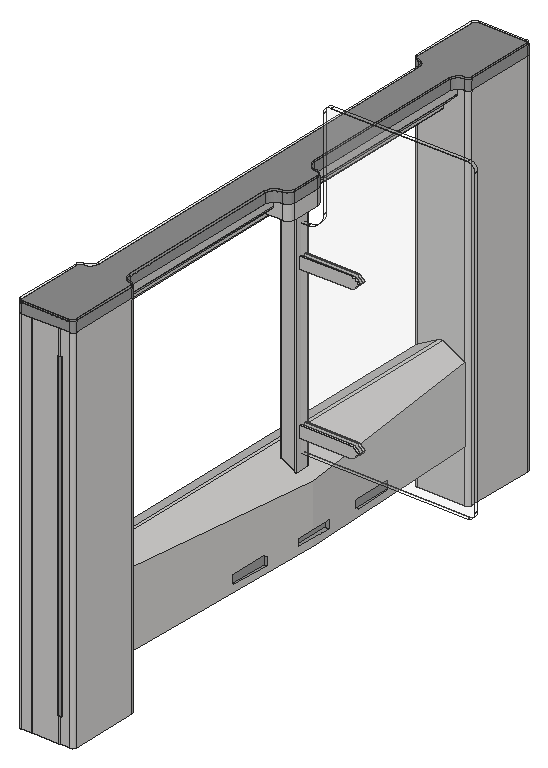
Revit family "CAME_Турникет_Скоростной_SWINGGATE_SWG90MРаздвижнойБоковойМодуль", category Специальное оборудование, Revit 2019
Family settings
  Размер круглого соединителя = Использовать диаметр
  Тип детали = Нормальный
  На основе рабочей плоскости = Нет
  Всегда вертикально = Да
  При загрузке вырезать с полостями = Нет
  Общий = Нет
  Точка расчета площади = Нет
Parameters
  х = 72.5 mm  # constant formula
  Описание = "Боковой модуль распашного турникета SWING GATE SWG90M, оснащенный платой управления и светодиодными указателями прохода и направления. Корпус - нержавеющая сталь. Сервопозиционный электропривод створки с определением препятствий и автоматической разблокировкой при отключении электроэнергии. Створка из 10 мм закаленного стекла. Ширина прохода 900 мм. Высота створки 1200 мм. Время открытия - 2.2 сек."
  Изготовитель = "CAME"  # constant formula
  Группа модели = "Турникеты"
  Watermark [instance] = "Модели защищены уникальным кодом"
  URL = "https://camerussia.com"
  CAME_Тип механизма турникета = "моторизованный"  # constant formula
  CAME_Напряжение электропитания двигателя (В) = 24 V  # constant formula
  CAME_Максимальное количество проходов в минуту = "30"  # constant formula
  CAME_Класс защиты (IP) = "44"  # constant formula
  CAME_Интенсивность использования (%) = "ИНТЕНСИВНОЕ"  # constant formula
  CAME_Диапазон рабочих температур (°C) = "-20 ÷ +68"  # constant formula
  CAME_Время открывания (с) = "2.2"  # constant formula
  BL_Разработано = "support@bimlib.pro"  # constant formula
  BL_Email = "cru.info@came.com"  # constant formula
  BL_BIM library = "https://bimlib.pro/manufacturer/came/cf0b6efe-31e5-4ffa-b7ea-1d6fa84041d4/?tab=products"
  ADSK_Размер_Ширина = 600 mm  # constant formula
  ADSK_Размер_Глубина = 1488 mm  # constant formula
  ADSK_Размер_Высота = 1000 mm  # constant formula
  ADSK_Полная мощность = ADSK_Номинальная мощность / ADSK_Коэффициент мощности  # 40.625 VA
  ADSK_Обозначение = "ТУ 26.30.50-001-89603926-2021"  # constant formula
  ADSK_Номинальная мощность = 39 W  # constant formula
  ADSK_Напряжение = 230 V  # constant formula
  ADSK_Наименование краткое = "Бок. модуль турникета SWING GATE SWG90, 900 мм, левый или правый"  # constant formula
  ADSK_Наименование = "Боковой модуль скоростного распашного турникета SWING GATE SWG90, ширина прохода 900 мм, левый или правый"  # constant formula
  ADSK_Масса_Текст = "90"  # constant formula
  ADSK_Масса = 90  # constant formula
  ADSK_Марка = "АРТ:001SWG90MS"  # constant formula
  ADSK_Коэффициент мощности = 0.96
  ADSK_Количество фаз = 1  # constant formula
  ADSK_Количество = 1  # constant formula
  ADSK_Код изделия = "Код КСР 26.30.50.119.61.2.07.09"  # constant formula
  ADSK_Классификация нагрузок = Прочее
  ADSK_Завод-изготовитель = "CAME"  # constant formula
  ADSK_Единица измерения = "шт."  # constant formula
  ADSK_Группирование = "SWING GATE"  # constant formula
  ADSK_Версия семейства = "1.0"  # constant formula
  ADSK_Версия Revit = "2019"  # constant formula
  ADSK_URL страницы изделия = "https://camerussia.com/product/001swg90ms/"
  ADSK_URL документации изделия = "https://camerussia.com/uploads/support/instructions/files/Инструкция%20Swing%20Gate%20SWG55-SWG90.pdf"
Reference planes
  plane 1 "По центру (Вперед/Назад)": y = 0
  plane 2: z = 0
  plane 3 "По центру (Влево/Вправо)": x = 0
  plane 4: y = 744
  plane 5: y = -744
  plane 6: z = 1000
  plane 7: x = 102.5
  plane 8: x = 527.5
  plane 9: x = -72.5
  plane 10: x = 72.5
  plane 11: z = 1200
  plane 12: y = 544
  plane 13: y = -544
  plane 14: z = 970
  plane 15: z = 105
  plane 16: z = 365
  plane 17: z = 312.5
  plane 18: z = 157.5
  plane 19: x = -5
  plane 20: x = 5
  plane 21: z = 930
  plane 22: z = 905
  plane 23: x = 202.5
  plane 24: x = 227.5
  plane 25: x = -36.25
  plane 26: x = 36.25
  plane 27: x = 36.25
Forms (mm)
  Extrusion 1, solid, material "CAME_Стекло_Закаленное_Черное", detail levels fine
    sketch origin (-925.693, -1524, 1000) x (-1, 0, 0) y (0, -1, 0)
      loop
        arc (-863.193, -2268) -> (-856.122, -2265.071) -> (-853.193, -2258) r 10
        line (-853.193, -2258) -> (-853.193, -2078)
        arc (-853.193, -2078) -> (-856.122, -2070.929) -> (-863.193, -2068) r 10
        arc (-863.193, -2068) -> (-879.103, -2061.41) -> (-885.693, -2045.5) r 22.5
        line (-885.693, -2045.5) -> (-885.693, -1002.5)
        arc (-885.693, -1002.5) -> (-879.103, -986.59) -> (-863.193, -980) r 22.5
        arc (-863.193, -980) -> (-856.122, -977.071) -> (-853.193, -970) r 10
        line (-853.193, -970) -> (-853.193, -790)
        arc (-853.193, -790) -> (-856.122, -782.929) -> (-863.193, -780) r 10
        line (-863.193, -780) -> (-988.193, -780)
        arc (-988.193, -780) -> (-995.264, -782.929) -> (-998.193, -790) r 10
        line (-998.193, -790) -> (-998.193, -970)
        arc (-998.193, -970) -> (-995.264, -977.071) -> (-988.193, -980) r 10
        arc (-988.193, -980) -> (-972.283, -986.59) -> (-965.693, -1002.5) r 22.5
        line (-965.693, -1002.5) -> (-965.693, -1444)
        arc (-965.693, -1444) -> (-973.016, -1461.678) -> (-990.693, -1469) r 25
        arc (-990.693, -1469) -> (-1003.053, -1474.12) -> (-1008.173, -1486.479) r 17.479
        line (-1008.173, -1486.479) -> (-1008.173, -1561.521)
        arc (-1008.173, -1561.521) -> (-1003.053, -1573.88) -> (-990.693, -1579) r 17.479
        arc (-990.693, -1579) -> (-973.016, -1586.322) -> (-965.693, -1604) r 25
        line (-965.693, -1604) -> (-965.693, -2045.5)
        arc (-965.693, -2045.5) -> (-972.283, -2061.41) -> (-988.193, -2068) r 22.5
        arc (-988.193, -2068) -> (-995.264, -2070.929) -> (-998.193, -2078) r 10
        line (-998.193, -2078) -> (-998.193, -2258)
        arc (-998.193, -2258) -> (-995.264, -2265.071) -> (-988.193, -2268) r 10
        line (-988.193, -2268) -> (-863.193, -2268)
    from 0 to -5
  Extrusion 2, solid, material "CAME_Сталь_Нержавеющая_AISI 304", detail levels fine
    sketch origin (0, 0, 0) x (1, 0, 0) y (0, 1, 0)
      loop
        arc (-72.5, -734) -> (-69.571, -741.071) -> (-62.5, -744) r 10
        line (-62.5, -744) -> (62.5, -744)
        arc (62.5, -744) -> (69.571, -741.071) -> (72.5, -734) r 10
        line (72.5, -734) -> (72.5, -554)
        arc (72.5, -554) -> (69.571, -546.929) -> (62.5, -544) r 10
        line (62.5, -544) -> (-62.5, -544)
        arc (-62.5, -544) -> (-69.571, -546.929) -> (-72.5, -554) r 10
        line (-72.5, -554) -> (-72.5, -734)
      loop
        line (-72.5, 734) -> (-72.5, 554)
        arc (-72.5, 554) -> (-69.571, 546.929) -> (-62.5, 544) r 10
        line (-62.5, 544) -> (62.5, 544)
        arc (62.5, 544) -> (69.571, 546.929) -> (72.5, 554) r 10
        line (72.5, 554) -> (72.5, 734)
        arc (72.5, 734) -> (69.571, 741.071) -> (62.5, 744) r 10
        line (62.5, 744) -> (-62.5, 744)
        arc (-62.5, 744) -> (-69.571, 741.071) -> (-72.5, 734) r 10
    from 0 to 970
  Extrusion 3, solid, material "CAME_Камень_Гранитный_SGL01", detail levels fine
    sketch origin (-925.693, -1524, 1000) x (-1, 0, 0) y (0, -1, 0)
      loop
        arc (-863.193, -2068) -> (-879.103, -2061.41) -> (-885.693, -2045.5) r 22.5
        line (-885.693, -2045.5) -> (-885.693, -1002.5)
        arc (-885.693, -1002.5) -> (-879.103, -986.59) -> (-863.193, -980) r 22.5
        arc (-863.193, -980) -> (-856.122, -977.071) -> (-853.193, -970) r 10
        line (-853.193, -970) -> (-853.193, -790)
        arc (-853.193, -790) -> (-856.122, -782.929) -> (-863.193, -780) r 10
        line (-863.193, -780) -> (-988.193, -780)
        arc (-988.193, -780) -> (-995.264, -782.929) -> (-998.193, -790) r 10
        line (-998.193, -790) -> (-998.193, -970)
        arc (-998.193, -970) -> (-995.264, -977.071) -> (-988.193, -980) r 10
        arc (-988.193, -980) -> (-972.283, -986.59) -> (-965.693, -1002.5) r 22.5
        line (-965.693, -1002.5) -> (-965.693, -1444)
        arc (-965.693, -1444) -> (-973.016, -1461.678) -> (-990.693, -1469) r 25
        arc (-990.693, -1469) -> (-1003.053, -1474.12) -> (-1008.173, -1486.479) r 17.479
        line (-1008.173, -1486.479) -> (-1008.173, -1561.521)
        arc (-1008.173, -1561.521) -> (-1003.053, -1573.88) -> (-990.693, -1579) r 17.479
        arc (-990.693, -1579) -> (-973.016, -1586.322) -> (-965.693, -1604) r 25
        line (-965.693, -1604) -> (-965.693, -2045.5)
        arc (-965.693, -2045.5) -> (-972.283, -2061.41) -> (-988.193, -2068) r 22.5
        arc (-988.193, -2068) -> (-995.264, -2070.929) -> (-998.193, -2078) r 10
        line (-998.193, -2078) -> (-998.193, -2258)
        arc (-998.193, -2258) -> (-995.264, -2265.071) -> (-988.193, -2268) r 10
        line (-988.193, -2268) -> (-863.193, -2268)
        arc (-863.193, -2268) -> (-856.122, -2265.071) -> (-853.193, -2258) r 10
        line (-853.193, -2258) -> (-853.193, -2078)
        arc (-853.193, -2078) -> (-856.122, -2070.929) -> (-863.193, -2068) r 10
    from -5 to -30
  Extrusion 4, solid, material "CAME_Сталь_Нержавеющая_AISI 304", detail levels fine
    sketch origin (-474.43, -1524, 105) x (-1, 0, 0) y (0, -1, 0)
      loop
        line (-411.93, -2068) -> (-411.93, -980) -> (-536.93, -980)
        arc (-536.93, -980) -> (-576.93, -1524) -> (-536.93, -2068) r 3719.2
        line (-536.93, -2068) -> (-411.93, -2068)
    from 0 to 260
  Extrusion 5, void
    sketch origin (0, 0, 0) x (-1, 0, 0) y (0, 0, 1)
      loop
        line (-5, 365) -> (-102.5, 365) -> (-102.5, 310.955) -> (-5, 365)
      loop
        line (5, 365) -> (105, 309.569) -> (105, 365) -> (5, 365)
      loop
        line (-5, 105) -> (-102.5, 159.045) -> (-102.5, 105) -> (-5, 105)
      loop
        line (5, 105) -> (105, 105) -> (105, 160.431) -> (5, 105)
    from -554 to 554
  Extrusion 6, solid, material "CAME_Сталь_Нержавеющая_AISI 304", detail levels fine
    sketch origin (0, 0, 0) x (1, 0, 0) y (0, 0, 1)
      loop
        line (-40, 970) -> (-40, 952.071)
        arc (-40, 952.071) -> (-39.619, 950.158) -> (-38.536, 948.536) r 5
        line (-38.536, 948.536) -> (-21.464, 931.464)
        arc (-21.464, 931.464) -> (-19.842, 930.381) -> (-17.929, 930) r 5
        line (-17.929, 930) -> (-10, 930)
        arc (-10, 930) -> (-6.464, 928.536) -> (-5, 925) r 5
        line (-5, 925) -> (-5, 907.019)
        arc (-5, 907.019) -> (-4.409, 905.591) -> (-2.981, 905) r 2.019
        line (-2.981, 905) -> (3, 905)
        arc (3, 905) -> (4.414, 905.586) -> (5, 907) r 2
        line (5, 907) -> (5, 925)
        arc (5, 925) -> (6.464, 928.536) -> (10, 930) r 5
        line (10, 930) -> (17.929, 930)
        arc (17.929, 930) -> (19.842, 930.381) -> (21.464, 931.464) r 5
        line (21.464, 931.464) -> (38.536, 948.536)
        arc (38.536, 948.536) -> (39.619, 950.158) -> (40, 952.071) r 5
        line (40, 952.071) -> (40, 970) -> (-40, 970)
    from -544 to 544
  Extrusion 7, solid, material "CAME_Сталь_Нержавеющая_AISI 304", detail levels fine
    sketch origin (-925.693, -1524, 970) x (-1, 0, 0) y (0, -1, 0)
      loop
        arc (-1008.173, -1561.521) -> (-1003.053, -1573.88) -> (-990.693, -1579) r 17.479
        line (-990.693, -1579) -> (-885.693, -1579) -> (-885.693, -1469) -> (-990.693, -1469)
        arc (-990.693, -1469) -> (-1003.053, -1474.12) -> (-1008.173, -1486.479) r 17.479
        line (-1008.173, -1486.479) -> (-1008.173, -1561.521)
    from 0 to -40
  Extrusion 8, solid, material "CAME_Сталь_Нержавеющая_AISI 304", detail levels fine
    sketch origin (-435.329, -1524, 930) x (-1, 0, 0) y (0, -1, 0)
      loop
        arc (-469.829, -1544) -> (-468.415, -1543.414) -> (-467.829, -1542) r 2
        line (-467.829, -1542) -> (-467.829, -1506)
        arc (-467.829, -1506) -> (-468.415, -1504.586) -> (-469.829, -1504) r 2
        line (-469.829, -1504) -> (-505.829, -1504)
        arc (-505.829, -1504) -> (-507.244, -1504.586) -> (-507.829, -1506) r 2
        line (-507.829, -1506) -> (-507.829, -1542)
        arc (-507.829, -1542) -> (-507.244, -1543.414) -> (-505.829, -1544) r 2
        line (-505.829, -1544) -> (-469.829, -1544)
    from 0 to -617.5
  Extrusion 9, solid, material "CAME_Стекло_Закаленное", detail levels medium+fine
    sketch origin (0, 0, 0) x (1, 0, 0) y (0, 0, 1)
      loop
        line (72.5, 365) -> (507.5, 365)
        arc (507.5, 365) -> (521.642, 370.858) -> (527.5, 385) r 20
        line (527.5, 385) -> (527.5, 1180)
        arc (527.5, 1180) -> (521.642, 1194.142) -> (507.5, 1200) r 20
        line (507.5, 1200) -> (152.5, 1200)
        arc (152.5, 1200) -> (138.358, 1194.142) -> (132.5, 1180) r 20
        line (132.5, 1180) -> (132.5, 945)
        arc (132.5, 945) -> (120.784, 916.716) -> (92.5, 905) r 40
        line (92.5, 905) -> (72.5, 905) -> (72.5, 365)
    from -5 to 5
  Extrusion 10, solid, material "CAME_Сталь_Нержавеющая_AISI 304", detail levels fine
    sketch origin (0, 0, 0) x (1, 0, 0) y (0, 0, 1)
      loop
        line (72.5, 405) -> (202.5, 405)
        arc (202.5, 405) -> (217.077, 409.038) -> (227.5, 420) r 28.333
        arc (227.5, 420) -> (217.077, 430.962) -> (202.5, 435) r 28.333
        line (202.5, 435) -> (72.5, 435) -> (72.5, 405)
      loop
        line (72.5, 830) -> (72.5, 800) -> (202.5, 800)
        arc (202.5, 800) -> (217.077, 804.038) -> (227.5, 815) r 28.333
        arc (227.5, 815) -> (217.077, 825.962) -> (202.5, 830) r 28.333
        line (202.5, 830) -> (72.5, 830)
    from 5 to 10
  Extrusion 11, solid, material "CAME_Сталь_Нержавеющая_AISI 304", detail levels fine
    sketch origin (0, 0, 0) x (1, 0, 0) y (0, 0, 1)
      loop
        line (202.5, 435) -> (72.5, 435) -> (72.5, 405) -> (202.5, 405)
        arc (202.5, 405) -> (217.077, 409.038) -> (227.5, 420) r 28.333
        arc (227.5, 420) -> (217.077, 430.962) -> (202.5, 435) r 28.333
      loop
        line (72.5, 800) -> (202.5, 800)
        arc (202.5, 800) -> (217.077, 804.038) -> (227.5, 815) r 28.333
        arc (227.5, 815) -> (217.077, 825.962) -> (202.5, 830) r 28.333
        line (202.5, 830) -> (72.5, 830) -> (72.5, 800)
    from -10 to -5
  Extrusion 12, void
    sketch origin (102.5, 921.151, 1200) x (0, -1, 0) y (0, 0, 1)
      loop
        line (871.151, -1002.5) -> (871.151, -1022.5) -> (971.151, -1022.5) -> (971.151, -1002.5) -> (871.151, -1002.5)
      loop
        line (1071.151, -1002.5) -> (1071.151, -1022.5) -> (1171.151, -1022.5) -> (1171.151, -1002.5) -> (1071.151, -1002.5)
      loop
        line (771.151, -1002.5) -> (671.151, -1002.5) -> (671.151, -1022.5) -> (771.151, -1022.5) -> (771.151, -1002.5)
    from 0 to 10.5
  Extrusion 13, void
    sketch origin (0, 0, 0) x (1, 0, 0) y (0, 1, 0)
      loop
        arc (-34.75, -744) -> (-36.25, -742.5) -> (-37.75, -744) r 1.5
        line (-37.75, -744) -> (-34.75, -744)
      loop
        arc (37.75, -744) -> (36.25, -742.5) -> (34.75, -744) r 1.5
        line (34.75, -744) -> (37.75, -744)
      loop
        line (-34.75, 744) -> (-37.75, 744)
        arc (-37.75, 744) -> (-36.25, 742.5) -> (-34.75, 744) r 1.5
      loop
        line (37.75, 744) -> (34.75, 744)
        arc (34.75, 744) -> (36.25, 742.5) -> (37.75, 744) r 1.5
    from 0 to 970
  Extrusion 14, void
    sketch origin (0, 0, 0) x (1, 0, 0) y (0, 1, 0)
      loop
        line (31.25, -744) -> (41.25, -744) -> (41.25, -739) -> (31.25, -739) -> (31.25, -744)
      loop
        line (31.25, 744) -> (31.25, 739) -> (41.25, 739) -> (41.25, 744) -> (31.25, 744)
    from 65 to 905
  Extrusion 15, solid, material "Индикатор синий", detail levels fine
    sketch origin (0, 0, 0) x (1, 0, 0) y (0, 1, 0)
      loop
        line (31.25, 744) -> (31.25, 739) -> (41.25, 739) -> (41.25, 744) -> (31.25, 744)
      loop
        line (31.25, -739) -> (31.25, -744) -> (41.25, -744) -> (41.25, -739) -> (31.25, -739)
    from 65 to 905
  Extrusion 16, solid, material "CAME_Сталь_Нержавеющая_AISI 304", detail levels medium
    sketch origin (0, 0, 0) x (0, 1, 0) y (0, 0, 1)
      loop
        line (744, 0) -> (744, 1000) -> (-744, 1000) -> (-744, 0) -> (-544, 0) -> (-544, 105) -> (544, 105) -> (544, 0) -> (744, 0)
      loop
        line (-544, 365) -> (-20, 365) -> (-20, 905) -> (-544, 905) -> (-544, 365)
      loop
        line (544, 905) -> (20, 905) -> (20, 365) -> (544, 365) -> (544, 905)
    from -72.5 to 72.5
Cuts and joins
  Extrusion 12, Extrusion 13, Extrusion 14 cuts Extrusion 2
  Extrusion 5, Extrusion 12 cuts Extrusion 4
  Extrusion 12 cuts Extrusion 8
  joined: Extrusion 2, Extrusion 4, Extrusion 8
  joined: Extrusion 6, Extrusion 7
Lines and regions (mm)
  model lines, style "CAME", detail levels coarse
    curve 1: line (-40, -544, 0) -> (-40, 544, 0)
    curve 2: line (40, -544, 0) -> (40, 544, 0)
    curve 3: line (-72.5, 744, 0) -> (72.5, 744, 0)
    curve 4: line (-72.5, 544, 0) -> (-72.5, 744, 0)
    curve 5: line (72.5, 544, 0) -> (40, 544, 0)
    curve 6: line (72.5, 744, 0) -> (72.5, 544, 0)
    curve 7: line (-72.5, -744, 0) -> (72.5, -744, 0)
    curve 8: line (-72.5, -544, 0) -> (-72.5, -744, 0)
    curve 9: line (72.5, -544, 0) -> (40, -544, 0)
    curve 10: line (72.5, -744, 0) -> (72.5, -544, 0)
    curve 11: line (40, 0, 0) -> (527.5, 0, 0)
    curve 12: line (-40, -544, 0) -> (-72.5, -544, 0)
    curve 13: line (-40, 544, 0) -> (-72.5, 544, 0)
Dimensions and locks
  equal spacing: plane 5, plane 1 "По центру (Вперед/Назад)", plane 4
  "ADSK_Размер_Глубина": plane 5 to plane 4
  "ADSK_Размер_Высота": plane 6 to plane 2
  locked: plane 9 to plane 7 at 175
  "х": plane 9 to plane 3 "По центру (Влево/Вправо)" to plane 10
  locked: plane 11 to plane 2 at 1200
  locked: plane 4 to plane 12 at 200
  locked: plane 13 to plane 5 at 200
  Extrusion 1 sketch curve to plane 3 "По центру (Влево/Вправо)" to Extrusion 1 sketch curve = 40 mm locked, 40 mm locked
  locked: plane 3 "По центру (Влево/Вправо)" to Extrusion 1 sketch curve at 82.479
  locked: plane 6 to plane 14 at 30
  locked: plane 5 to Extrusion 2 sketch curve at 200
  locked: plane 4 to Extrusion 2 sketch curve at 200
  locked: plane 16 to plane 15 at 260
  locked: plane 17 to plane 18 at 155
  locked: plane 15 to plane 2 at 105
  locked: plane 18 to plane 15 at 52.5
  plane 19 to plane 3 "По центру (Влево/Вправо)" to plane 20 = 5 mm locked, 5 mm locked
  locked: plane 14 to plane 21 at 40
  locked: plane 14 to plane 22 at 65
  Extrusion 6 sketch curve to Extrusion 6 sketch curve to Extrusion 6 sketch curve to Extrusion 6 sketch curve to Extrusion 6 sketch curve to plane 3 "По центру (Влево/Вправо)" to Extrusion 6 sketch curve to Extrusion 6 sketch curve to Extrusion 6 sketch curve to Extrusion 6 sketch curve to Extrusion 6 sketch curve = 5 mm locked, 17.071 mm locked, 7.929 mm locked, 5 mm locked, 5 mm locked, 5 mm locked, 5 mm locked, 7.929 mm locked, 17.071 mm locked, 5 mm locked
  Extrusion 6 sketch curve to Extrusion 6 sketch curve to plane 21 to Extrusion 6 sketch curve = 17.071 mm locked, 5 mm locked, 5 mm locked  (x2)
  locked: Extrusion 4 sketch curve to plane 4 at 200
  locked: plane 5 to Extrusion 4 sketch curve at 200
  Extrusion 4 sketch curve to plane 3 "По центру (Влево/Вправо)" to Extrusion 4 sketch curve = 62.5 mm locked, 62.5 mm locked  (x2)
  plane 3 "По центру (Влево/Вправо)" to Extrusion 8 sketch curve to Extrusion 8 sketch curve = 32.5 mm locked, 40 mm locked
  locked: plane 7 to Extrusion 9 sketch curve at 30
  Extrusion 10 sketch curve to Extrusion 10 sketch curve to plane 16 = 30 mm locked, 40 mm locked
  plane 22 to Extrusion 10 sketch curve to Extrusion 10 sketch curve = 75 mm locked, 30 mm locked
  Extrusion 12 sketch curve to Extrusion 12 sketch curve to plane 18 = 20 mm locked, 20 mm locked
  Extrusion 12 sketch curve to Extrusion 12 sketch curve to Extrusion 12 sketch curve to plane 1 "По центру (Вперед/Назад)" to Extrusion 12 sketch curve to Extrusion 12 sketch curve to Extrusion 12 sketch curve = 100 mm locked, 100 mm locked, 50 mm locked, 50 mm locked, 100 mm locked, 100 mm locked
  plane 9 to plane 25 to plane 3 "По центру (Влево/Вправо)" to plane 26 to plane 10 = 36.25 mm, 36.25 mm, 36.25 mm, 36.25 mm
  plane 3 "По центру (Влево/Вправо)" to plane 27 to plane 10 = 36.25 mm, 36.25 mm
  locked: plane 5 to Extrusion 14 sketch curve at 5
  Extrusion 14 sketch curve to plane 27 to Extrusion 14 sketch curve = 5 mm locked, 5 mm locked  (x2)
  locked: plane 4 to Extrusion 16 sketch curve at 200
  locked: Extrusion 16 sketch curve to plane 5 at 200
  Extrusion 16 sketch curve to plane 1 "По центру (Вперед/Назад)" to Extrusion 16 sketch curve = 20 mm locked, 20 mm locked
  locked: plane 5 to curve 12 at 200
  plane 4 to curve 13 = 200 mm
  curve 1 to plane 3 "По центру (Влево/Вправо)" to curve 2 = 40 mm locked, 40 mm locked
  Extrusion 8 sketch curve to plane 1 "По центру (Вперед/Назад)" to Extrusion 8 sketch curve = 20 mm locked, 20 mm locked
  plane 9 to Extrusion 4 sketch curve = 10 mm
  "ADSK_Размер_Ширина": plane 9 to plane 8
  radius of Extrusion 1 sketch curve = 10 mm  (x2)
  radius of Extrusion 1 sketch curve = 25 mm  (x2)
  radius of Extrusion 2 sketch curve = 10 mm  (x4)
  radius of Extrusion 6 sketch curve = 5 mm  (x6)
  radius of Extrusion 6 sketch curve = 2.019 mm
  radius of Extrusion 6 sketch curve = 2 mm
  radius of Extrusion 9 sketch curve = 20 mm  (x3)
  radius of Extrusion 9 sketch curve = 40 mm
  locked: plane 16 to Extrusion 5 sketch curve (angle 29.00°)
  locked: Extrusion 5 sketch curve to plane 16 (angle 29.00°)
  locked: Extrusion 5 sketch curve to plane 15 (angle 29.00°)
  locked: plane 15 to Extrusion 5 sketch curve (angle 29.00°)
  aligned and locked: level to plane 2
  aligned and locked: plane 5 to Extrusion 1 sketch curve
  aligned and locked: Extrusion 1 sketch curve to plane 9
  aligned and locked: plane 10 to Extrusion 1 sketch curve
  aligned and locked: Extrusion 1 sketch curve to plane 4
  aligned and locked: Extrusion 1 sketch curve to plane 10
  aligned and locked: plane 9 to Extrusion 1 sketch curve
  aligned and locked: Extrusion 1 sketch curve to Extrusion 1 sketch curve
  aligned and locked: Extrusion 2 sketch curve to Extrusion 1  (x4)
  aligned and locked: Extrusion 1 to Extrusion 2 sketch curve  (x2)
  aligned and locked: plane 13 to Extrusion 1 sketch curve  (x2)
  aligned and locked: plane 12 to Extrusion 1 sketch curve  (x2)
  aligned and locked: Extrusion 3 sketch curve to Extrusion 1  (x16)
  aligned and locked: Extrusion 3 to plane 14
  aligned and locked: Extrusion 4 to plane 16
  aligned and locked: Extrusion 4 to plane 15
  aligned and locked: plane 16 to Extrusion 5 sketch curve
  aligned and locked: Extrusion 5 sketch curve to plane 16
  aligned and locked: plane 7 to Extrusion 5 sketch curve
  aligned and locked: plane 19 to Extrusion 5 sketch curve  (x2)
  aligned and locked: plane 20 to Extrusion 5 sketch curve  (x2)
  aligned and locked: plane 15 to Extrusion 5 sketch curve
  aligned and locked: Extrusion 5 sketch curve to plane 15
  aligned and locked: Extrusion 5 sketch curve to plane 7
  aligned and locked: plane 22 to Extrusion 6 sketch curve
  aligned and locked: Extrusion 6 sketch curve to plane 14
  aligned and locked: Extrusion 7 sketch curve to Extrusion 1  (x2)
  aligned and locked: Extrusion 7 to plane 21
  aligned and locked: plane 21 to Extrusion 8
  aligned and locked: Extrusion 8 to plane 17
  aligned and locked: plane 11 to Extrusion 9 sketch curve
  aligned and locked: Extrusion 9 sketch curve to plane 8
  aligned and locked: plane 16 to Extrusion 9 sketch curve
  aligned and locked: plane 10 to Extrusion 9 sketch curve
  aligned and locked: Extrusion 9 sketch curve to plane 22
  aligned and locked: Extrusion 10 sketch curve to plane 23  (x3)
  aligned and locked: Extrusion 10 sketch curve to plane 24
  aligned and locked: plane 10 to Extrusion 10 sketch curve
  aligned and locked: Extrusion 10 sketch curve to plane 10
  aligned and locked: plane 23 to Extrusion 10 sketch curve
  aligned and locked: plane 24 to Extrusion 10 sketch curve
  aligned and locked: Extrusion 11 sketch curve to Extrusion 10  (x8)
  aligned and locked: Extrusion 12 sketch curve to Extrusion 12 sketch curve  (x4)
  aligned and locked: plane 25 to Extrusion 13 sketch curve  (x2)
  aligned and locked: plane 26 to Extrusion 13 sketch curve  (x2)
  aligned and locked: plane 5 to Extrusion 13 sketch curve  (x4)
  aligned and locked: plane 4 to Extrusion 13 sketch curve  (x2)
  aligned and locked: Extrusion 13 sketch curve to plane 4  (x2)
  aligned and locked: plane 14 to Extrusion 13
  aligned and locked: plane 5 to Extrusion 14 sketch curve
  aligned and locked: Extrusion 14 sketch curve to plane 4
  aligned and locked: Extrusion 14 to plane 22
  aligned and locked: Extrusion 15 sketch curve to cut or joined group of Extrusion 2, Extrusion 4, Extrusion 5, Extrusion 8, Extrusion 12, Extrusion 13, Extrusion 14  (x6)
  aligned and locked: Extrusion 15 sketch curve to plane 5
  aligned and locked: Extrusion 15 to cut or joined group of Extrusion 2, Extrusion 4, Extrusion 5, Extrusion 8, Extrusion 12, Extrusion 13, Extrusion 14
  aligned and locked: Extrusion 16 sketch curve to plane 6
  aligned and locked: plane 22 to Extrusion 16 sketch curve  (x2)
  aligned and locked: Extrusion 16 sketch curve to plane 4
  aligned and locked: Extrusion 16 sketch curve to plane 5
  aligned and locked: plane 2 to Extrusion 16 sketch curve
  aligned and locked: Extrusion 16 sketch curve to plane 2
  aligned and locked: Extrusion 16 sketch curve to Extrusion 16 sketch curve  (x2)
  aligned and locked: Extrusion 16 sketch curve to plane 16  (x2)
  aligned and locked: Extrusion 16 sketch curve to plane 15
  aligned and locked: plane 8 to curve 11
  aligned and locked: plane 1 "По центру (Вперед/Назад)" to curve 11
  aligned and locked: curve 3 to plane 4
  aligned and locked: curve 4 to plane 9
  aligned and locked: curve 6 to plane 10
  aligned and locked: plane 5 to curve 7
  aligned and locked: plane 10 to curve 10
  aligned and locked: plane 9 to curve 8
  aligned and locked: curve 9 to curve 12
  aligned and locked: curve 5 to curve 13
  aligned and locked: Extrusion 1 to Extrusion 7 sketch curve
Automatic sketch dimensions
  Extrusion 8 sketch curve to plane 10 = 2 mm  (x2)
  Extrusion 8 sketch curve to Extrusion 8 sketch curve = 2 mm  (x2)
  Extrusion 13 sketch curve to Extrusion 13 sketch curve = 1.5 mm  (x4)
  plane 21 to Extrusion 6 sketch curve = 18.536 mm  (x2)
  plane 21 to Extrusion 6 sketch curve = 1.464 mm  (x2)
  Extrusion 10 sketch curve to Extrusion 10 sketch curve = 1.667 mm  (x2)
  Extrusion 15 sketch curve to plane 4 = 0 mm
  Extrusion 1 sketch curve to plane 13 = 0 mm  (x2)
  Extrusion 1 sketch curve to plane 12 = 0 mm  (x2)
  Extrusion 1 sketch curve to plane 10 = 10 mm  (x2)
  Extrusion 1 sketch curve to plane 5 = 10 mm  (x2)
  Extrusion 1 sketch curve to plane 9 = 10 mm  (x2)
  Extrusion 1 sketch curve to plane 1 "По центру (Вперед/Назад)" = 80 mm
  Extrusion 1 sketch curve to Extrusion 1 sketch curve = 17.479 mm
  plane 1 "По центру (Вперед/Назад)" to Extrusion 1 sketch curve = 37.521 mm
  Extrusion 1 sketch curve to Extrusion 1 sketch curve = 25 mm
  Extrusion 5 sketch curve to plane 17 = 2.931 mm
  plane 9 to Extrusion 5 sketch curve = 32.5 mm
  Extrusion 14 sketch curve to Extrusion 14 sketch curve = 5 mm
  plane 9 to Extrusion 4 sketch curve = 3544.2 mm
Connectors
  electrical at (0, -677.333, 0), driven by "ADSK_Количество фаз", driven by "ADSK_Классификация нагрузок", driven by "ADSK_Напряжение", driven by "ADSK_Полная мощность", driven by "ADSK_Коэффициент мощности"
    settings: on cut or joined group of Extrusion 2, Extrusion 4, Extrusion 5, Extrusion 8, Extrusion 12, Extrusion 13, Extrusion 14, index 1, voltage 230 V, apparent load 0 VA, apparent load phase1 40.625 VA, apparent load phase2 0 VA, apparent load phase3 0 VA, power factor 0.96, load classification "Прочее", number of poles 1, system type 31, power factor state 1, is connector primary yes, connector utility no, sub classification motor no, connector description ""
